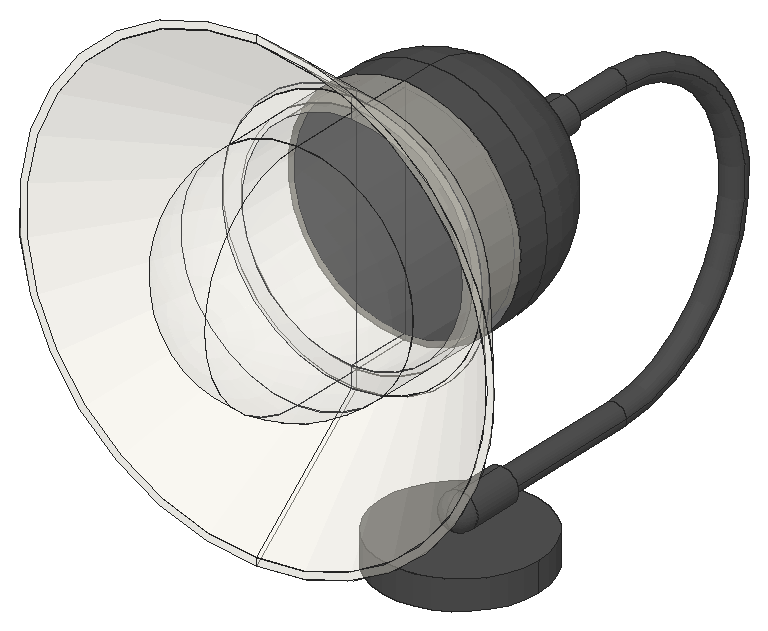
Revit family "225bdb85b42a4efdb0fd05714bdaf477", category Lighting Fixtures, host Face, Revit 2021
Family settings
  Host = Face
  Round Connector Dimension = Use Diameter
  Part Type = Normal
  OmniClass Number = 23.80.70.11.11
  OmniClass Title = General Luminaries, Non Directional
  Seek Item ID = Wall Lamp - Bracket-0000-USA-ENU
  Cut with Voids When Loaded = No
  Light Source = Yes
  Shared = No
  Room Calculation Point = No
Parameters (values of type "100W - 120V")
  Wattage = 100 W
  Wall Mount Material = Steel, Chrome Plated
  built-in parameter 1150110 = 1 (stored number, unit not read)
  built-in parameter 1114217 = 1 (stored number, unit not read)
  built-in parameter 1150109 = 1 (stored number, unit not read)
  built-in parameter 1150134 = 4
  built-in parameter 1150113 = 1 (stored number, unit not read)
  Tilt Angle = 90.00°
  Shade Material = Glass, Frosted
  Photometric Web File = "WLB1A19.ies"
  Lumens = 1690 lm
  built-in parameter 1150115 = 1 (stored number, unit not read)
  built-in parameter 1150105 = 134.49 (stored number, unit not read)
  Load Classification = Lighting - Dwelling Unit
  built-in parameter 1150137 = 1
  built-in parameter 1150139 = (empty or 0)
  built-in parameter 1150112 = 1 (stored number, unit not read)
  built-in parameter 1150114 = 1 (stored number, unit not read)
  built-in parameter 1150132 = (empty or 0)
  built-in parameter 1150102 = (empty or 0)
  built-in parameter 1150138 = (empty or 0)
  built-in parameter 1150107 = 2800 (stored number, unit not read)
  built-in parameter 1150106 = 1.3449 (stored number, unit not read)
  built-in parameter 1150104 = 1.5701 (stored number, unit not read)
  Dimming Lamp Color Temperature Shift = <None>
  Color Filter = 16777215
  Ballast Voltage = 120 V
  Ballast Number of Poles = 1
  Lamp = "A-19"
  Default Elevation = 4' - 0"
  built-in parameter 1140040 [instance] = 1
  Bulb Material = Glass, White, High Luminance
  built-in parameter 1114218 = 1 (stored number, unit not read)
  built-in parameter 1150133 = 10 (stored number, unit not read)
  Assembly Code = "D5020220"
  Apparent Load = 100 VA
Types (4): name | Wattage | Photometric Web File | Lumens | built-in parameter 1150105 | built-in parameter 1150106 | built-in parameter 1150104 | Ballast Voltage | Lamp | Apparent Load
  100W - 120V | 100 W | "WLB1A19.ies" | 1690 lm | 134.49 (stored number, unit not read) | 1.3449 (stored number, unit not read) | 1.5701 (stored number, unit not read) | 120 V | "A-19" | 100 VA
  100W - 277V | 100 W | "WLB1A19.ies" | 1690 lm | 134.49 (stored number, unit not read) | 1.3449 (stored number, unit not read) | 1.5701 (stored number, unit not read) | 277 V | "A-19" | 100 VA
  150W - 120V | 150 W | "WLB1A21.ies" | 2779.5 lm | 221.19 (stored number, unit not read) | 2.2119 (stored number, unit not read) | 1.7215 (stored number, unit not read) | 120 V | "A-21" | 150 VA
  150W - 277V | 150 W | "WLB1A21.ies" | 2779.5 lm | 221.19 (stored number, unit not read) | 2.2119 (stored number, unit not read) | 1.7215 (stored number, unit not read) | 277 V | "A-21" | 150 VA
Reference planes (in)
  plane 1 "Center (Front/Back)": y = 0
  plane 2: z = 0
  plane 3 "Center (Left/Right)": x = 0
  plane 4: z = 0.625
  plane 5: z = 2.3125
  plane 6: z = 7.4375
  plane 7: z = 12.5625
  plane 8: y = 0.40625
  plane 9: y = 1.75
Forms (in)
  Extrusion 1, solid, material "Steel, Chrome Plated" <- "Wall Mount Material"
    sketch origin (0, 0, 0) x (1, 0, 0) y (0, 1, 0)
      loop
        circle (0, 0) r 1.69531
    from 0 to 0.625
  Revolve 2, solid, material "Steel, Chrome Plated" <- "Wall Mount Material"
    sketch origin (0, 0, 0) x (0, 1, 0) y (0, 0, 1)
      loop
        line (0, 0.625) -> (1.09375, 0.625) -> (1.09375, 1) -> (-0.375, 1)
        arc (-0.375, 1) -> (-0.26517, 0.73483) -> (0, 0.625) r 0.375
      axis (1.09375, 1) -> (-0.375, 1)
    angle from 0 to 360
  Sweep 3, solid, material "Steel, Chrome Plated" <- "Wall Mount Material"
    path origin (0, 0, 0) x (0, 1, 0) y (0, 0, 1)
      loop
        line (0.40625, 1) -> (4.15625, 1)
        arc (4.15625, 1) -> (7.375, 4.21875) -> (4.15625, 7.4375) r 3.21875
        line (4.15625, 7.4375) -> (1.875, 7.4375)
    profile origin (0, 2.28125, 1) x (0, 0, 1) y (1, 0, 0)
      loop
        circle (0, 0) r 0.25
  Revolve 4, solid, material "Steel, Chrome Plated" <- "Wall Mount Material"
    sketch origin (0, 0, 0) x (0, 1, 0) y (0, 0, 1)
      loop
        line (2.75, 7.4375) -> (1.75, 7.4375) -> (1.75, 7.0625) -> (2.75, 7.0625) -> (2.75, 7.4375)
      axis (2.75, 7.4375) -> (1.75, 7.4375)
    angle from 0 to 360
  Revolve 5, solid, material "Steel, Chrome Plated" <- "Wall Mount Material"
    sketch origin (0, 0.84375, 0) x (0, 1, 0) y (0, 0, 1)
      loop
        line (0.875, 7.4375) -> (-2.34375, 7.4375) -> (-2.34375, 4.9375) -> (-1.625, 4.9375)
        arc (-1.625, 4.9375) -> (0.14277, 5.66973) -> (0.875, 7.4375) r 2.5
      axis (0.875, 7.4375) -> (-2.34375, 7.4375)
    angle from 0 to 360
  Revolve 6, solid, material "Glass, Frosted" <- "Shade Material"
    sketch origin (0, 0.84375, 0) x (0, 1, 0) y (0, 0, 1)
      loop
        line (-2.34375, 9.9375) -> (-3.625, 9.9375) -> (-3.625, 10.30829) -> (-6.3125, 12.56337) -> (-6.3125, 12.40019) -> (-3.75, 10.25) -> (-3.75, 9.8125) -> (-2.34375, 9.8125) -> (-2.34375, 9.9375)
      axis (-2.34375, 7.4375) -> (-6.3125, 7.4375)
    angle from 0 to 360
  Revolve 7, solid, material "Glass, White, High Luminance" <- "Bulb Material"
    sketch origin (0, 0.84375, 0) x (0, 1, 0) y (0, 0, 1)
      loop
        line (-3.625, 9.9375) -> (-5.21875, 9.9375)
        arc (-5.21875, 9.9375) -> (-6.98652, 9.20527) -> (-7.71875, 7.4375) r 2.5
        line (-7.71875, 7.4375) -> (-3.625, 7.4375) -> (-3.625, 9.9375)
      axis (-3.625, 7.4375) -> (-7.71875, 7.4375)
    angle from 0 to 360
Cuts and joins
  joined: Extrusion 1, Revolve 2, Sweep 3, Revolve 4, Revolve 5
Lines and regions (in)
  symbolic lines
    curve 1: circle (0, 0, 7.4375) r 5.125 normal (0, -1, 0)
    curve 2: line (-1.69945, 0, 0) -> (1.69466, 0, 0)
    curve 3: line (0, 0, 7.4375) -> (0, 0, 0.625)
    curve 4: line (-1.69945, -5.46875, 0) -> (-1.69945, -5.46875, 0.625)
    curve 5: line (-1.69945, -5.46875, 0.625) -> (1.69531, -5.46875, 0.625)
    curve 6: line (1.69531, -5.46875, 0.625) -> (1.69531, -5.46875, 0)
Dimensions and locks (in)
  locked: plane 4 to plane 2 at 0.625
  locked: plane 5 to plane 4 at 1.6875
  locked: plane 6 to plane 5 at 5.125
  locked: plane 7 to plane 6 at 5.125
  locked: plane 8 to plane 1 "Center (Front/Back)" at 0.40625
  locked: Revolve 2 sketch curve to plane 8 at 0.6875
  locked: Sweep 3 sketch curve to plane 8 at 3.75
  locked: Sweep 3 sketch curve to plane 4 at 0.375
  locked: Sweep 3 sketch curve to plane 8 at 1.46875
  locked: Revolve 5 to Revolve 6 sketch curve at 1.28125
  locked: plane 6 to Revolve 7 sketch curve at 2.5
  locked: plane 3 "Center (Left/Right)" to curve 2 at 1.69945
  locked: curve 2 to plane 3 "Center (Left/Right)" at 1.69466
  locked: plane 9 to plane 8 at 1.34375
  locked: Revolve 4 sketch curve to plane 9 at 1
  radius of Extrusion 1 sketch curve = 0' - 1 89/128"
  radius of curve 1 = 0' - 5 1/8"
  aligned and locked: plane 2 to host face
  aligned and locked: level to host face
  aligned and locked: plane 1 "Center (Front/Back)" to Extrusion 1 sketch curve
  aligned and locked: plane 3 "Center (Left/Right)" to Extrusion 1 sketch curve
  aligned and locked: Extrusion 1 to plane 2
  aligned and locked: plane 4 to Extrusion 1
  aligned and locked: plane 4 to Revolve 2 sketch curve
  aligned and locked: plane 6 to Sweep 3 sketch curve
  aligned and locked: plane 6 to curve 1
  aligned and locked: plane 3 "Center (Left/Right)" to curve 1
  aligned and locked: curve 2 to plane 2
  aligned and locked: curve 3 to plane 3 "Center (Left/Right)"
  aligned and locked: imposter light to plane 6
Connectors (in)
  electrical at (0, -5.46875, 7.4375), driven by "Apparent Load", driven by "Ballast Voltage", driven by "Ballast Number of Poles", driven by "Load Classification"
    settings: on Revolve 6, index 1, voltage 120 V, apparent load 0 VA, apparent load phase1 100 VA, apparent load phase2 0 VA, apparent load phase3 0 VA, power factor 0.95, load classification "Lighting - Dwelling Unit", number of poles 1, system type 31, power factor state 1, is connector primary yes, connector utility no, sub classification motor no, connector description ""
